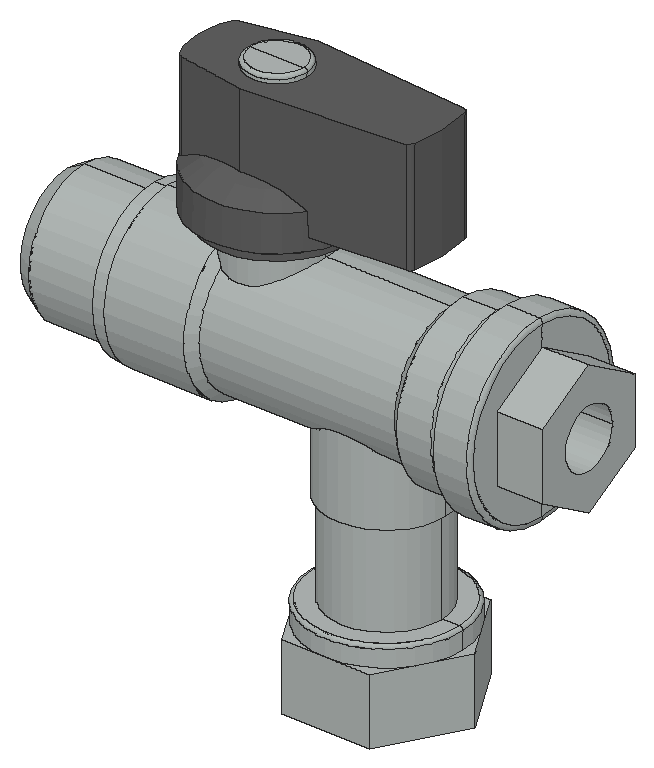
Revit family "QS13402102", category Apparecchi idraulici, Revit 2020
Family settings
  Quota connettore circolare = Usa diametro
  Tipo di parte = Normale
  Numero OmniClass = 23.45.00.00
  Titolo OmniClass = Sanitary, Laundry, and Cleaning Equipment
  Basato su piano di lavoro = No
  Sempre verticale = Sì
  Taglio con vuoti quando caricato = No
  Condiviso = No
  Punto di calcolo locali = No
Parameters
  URL = "https://web.cimberio.com/index.php/figura/511?subcategoria_id=78"
  Prospetto di default = 0 mm
  Produttore = "Cimberio SPA"
  Modello = "Cim 460CF"
  Descrizione = "Realizzato in ottemperanza ai requisiti gestionali della norma EN ISO 9001.\r\nCollaudato al 100% secondo la normativa EN 12266-1.\r\nUtilizzato per impianti idrici ed igienico-sanitari."
  Type Comments = ""
Reference planes
  plane 1 "Centro (Fronte/Retro)": y = 0
  plane 2: z = 0
  plane 3 "Centro (Sinistra/Destra)": x = 0
Forms (mm)
  Extrusion 1, solid, material "Cim_Lega di ottone"
    sketch origin (0, 0, 0) x (0, 1, 0) y (0, 0, 1)
      loop
        circle (0, 0.019) r 4.5
      loop
        line (0, 10.019) -> (-8.66, 5.019) -> (-8.66, -4.981) -> (0, -9.981) -> (8.66, -4.981) -> (8.66, 5.019) -> (0, 10.019)
    from 40 to 47
  Revolve 2, solid, material "Cim_Lega di ottone"
    sketch origin (0, 0, 0) x (1, 0, 0) y (0, 0, 1)
      loop
        line (-7.397, 7.833) -> (0, 7.833) -> (0, 18.19) -> (-7.397, 18.19) -> (-7.397, 7.833)
      axis (0, 18.19) -> (0, 7.833)
    angle from 0 to 360
  Revolve 3, solid, material "Cim_Gomma"
    sketch origin (0, 0, -0.25) x (1, 0, 0) y (0, 0, 1)
      loop
        line (0, 13.55) -> (0, 24.481)
        arc (0, 24.481) -> (-6.22, 23.693) -> (-11.805, 20.845) r 18.248
        line (-11.805, 20.845) -> (-11.9, 15.416) -> (-10.305, 14.495) -> (-10.305, 13.55) -> (0, 13.55)
      axis (0, 24.481) -> (0, 13.55)
    angle from 0 to 360
  Extrusion 4, solid, material "Cim_Gomma"
    sketch origin (0, 0, -0.25) x (1, 0, 0) y (0, 1, 0)
      loop
        line (0.195, 7.359) -> (-10.06, 5.415)
        arc (-10.06, 5.415) -> (-10.457, 5.241) -> (-10.736, 4.91) r 0.957
        arc (-10.736, 4.91) -> (-11.535, 2.512) -> (-11.805, 0) r 11.805
        arc (-11.805, 0) -> (-11.523, -2.566) -> (-10.69, -5.009) r 11.805
        arc (-10.69, -5.009) -> (-10.411, -5.341) -> (-10.01, -5.508) r 0.921
        line (-10.01, -5.508) -> (0.165, -7.353) -> (23.966, -5.423)
        arc (23.966, -5.423) -> (24.352, -5.131) -> (24.556, -4.691) r 1
        arc (24.556, -4.691) -> (25, 0) -> (24.556, 4.691) r 25
        arc (24.556, 4.691) -> (24.243, 5.247) -> (23.658, 5.5) r 1
        line (23.658, 5.5) -> (0.195, 7.359)
    from 17.32 to 34.35
  Revolve 5, solid, material "Cim_Lega di ottone"
    sketch origin (0, 0, -0.25) x (1, 0, 0) y (0, 0, 1)
      loop
        line (4.001, 35.35) -> (0, 35.35) -> (0, 33.3) -> (4.5, 33.3) -> (4.5, 34.85)
        arc (4.5, 34.85) -> (4.354, 35.203) -> (4.001, 35.35) r 0.5
      axis (0, 35.35) -> (0, 33.3)
    angle from 0 to 360
  Revolve 6, solid, material "Cim_Lega di ottone"
    sketch origin (0, 0, 0) x (1, 0, 0) y (0, 0, 1)
      loop
        line (-16.5, -12) -> (-4.5, -12) -> (-3.25, -10.75) -> (26.25, -10.75) -> (28, -12.5) -> (33.124, -12.5)
        arc (33.124, -12.5) -> (34.111, -12.871) -> (34.61, -13.8) r 1.5
        line (34.61, -13.8) -> (39.6, -13.8)
        arc (39.6, -13.8) -> (39.895, -13.447) -> (40, -12.999) r 1
        line (40, -12.999) -> (40, -4.5) -> (-16.5, -4.5) -> (-16.5, -12)
      axis (-16.5, 0) -> (40, 0)
    angle from 0 to 360
  Revolve 7, solid, material "Cim_Lega di ottone filetto VERT"
    sketch origin (0, 0, 0) x (1, 0, 0) y (0, 0, 1)
      loop
        line (-29.1, 10.45) -> (-31.6, 9.007) -> (-31.6, 4.5) -> (-18.5, 4.5) -> (-18.5, 10.45) -> (-29.1, 10.45)
      axis (-31.6, 0) -> (-18.5, 0)
    angle from 0 to 360
  Revolve 8, solid, material "Cim_Lega di ottone"
    sketch origin (0, 0, 0) x (1, 0, 0) y (0, 0, 1)
      loop
        line (-18.5, -11.75) -> (-16.5, -11.75) -> (-16.5, -4.5) -> (-18.5, -4.5) -> (-18.5, -11.75)
      axis (-18.5, 0) -> (-16.5, 0)
    angle from 0 to 360
  Revolve 9, solid, material "Cim_Lega di ottone"
    sketch origin (0, 0, 0) x (1, 0, 0) y (0, 0, 1)
      loop
        line (7.5, -18) -> (16.5, -18) -> (16.5, -4.278) -> (7.5, -4.278) -> (7.5, -18)
      axis (16.5, -18) -> (16.5, -4.278)
    angle from 0 to 360
  Revolve 10, solid, material "Cim_Lega di ottone"
    sketch origin (0, 0, 0) x (1, 0, 0) y (0, 0, 1)
      loop
        line (8.15, -32.2) -> (16.5, -32.2) -> (16.5, -18) -> (8.15, -18) -> (8.15, -32.2)
      axis (16.5, -32.2) -> (16.5, -18)
    angle from 0 to 360
  Revolve 11, solid, material "Cim_Lega di ottone"
    sketch origin (0, 0, 0) x (1, 0, 0) y (0, 0, 1)
      loop
        arc (5.501, -32.2) -> (5.147, -32.346) -> (5, -32.7) r 0.5
        line (5, -32.7) -> (5, -35.2) -> (16.5, -35.2) -> (16.5, -32.2) -> (5.501, -32.2)
      axis (16.5, -35.2) -> (16.5, -32.2)
    angle from 0 to 360
  Extrusion 12, solid, material "Cim_Lega di ottone"
    sketch origin (0, 0, 0) x (1, 0, 0) y (0, 1, 0)
      loop
        circle (16.5, 0) r 4.5
      loop
        line (29.75, 0) -> (23.125, 11.475) -> (9.875, 11.475) -> (3.25, 0) -> (9.875, -11.475) -> (23.125, -11.475) -> (29.75, 0)
    from -45.2 to -35.2
Dimensions and locks
  aligned and locked: level to plane 2
Connectors
  piping at (47, 0, 0.019), diameter 9
    settings: on Extrusion 1, index 1, connector inside diameter 609.6 mm, connector length 0 mm, flow factor 0, pipe flow 0.0 L/s, pressure drop 0.0 Pa, fitting loss kfactor 0, connector angle 0.00°, fixture units 0, engagement length 0 mm, angle of deflection 0.00°, flow configuration 0, flow direction 0, fitting loss method 0, system type 7, joint type 0, gender type 0, connector reference index -1, connector utility 0, adjustable connector no, is connector primary yes, connector description ""
  piping at (-31.6, 0, 0), diameter 9
    settings: on Revolve 7, index 2, connector inside diameter 609.6 mm, connector length 0 mm, flow factor 0, pipe flow 0.0 L/s, pressure drop 0.0 Pa, fitting loss kfactor 0, connector angle 0.00°, fixture units 0, engagement length 0 mm, angle of deflection 0.00°, flow configuration 0, flow direction 0, fitting loss method 0, system type 7, joint type 0, gender type 0, connector reference index -1, connector utility 0, adjustable connector no, is connector primary no, connector description ""
